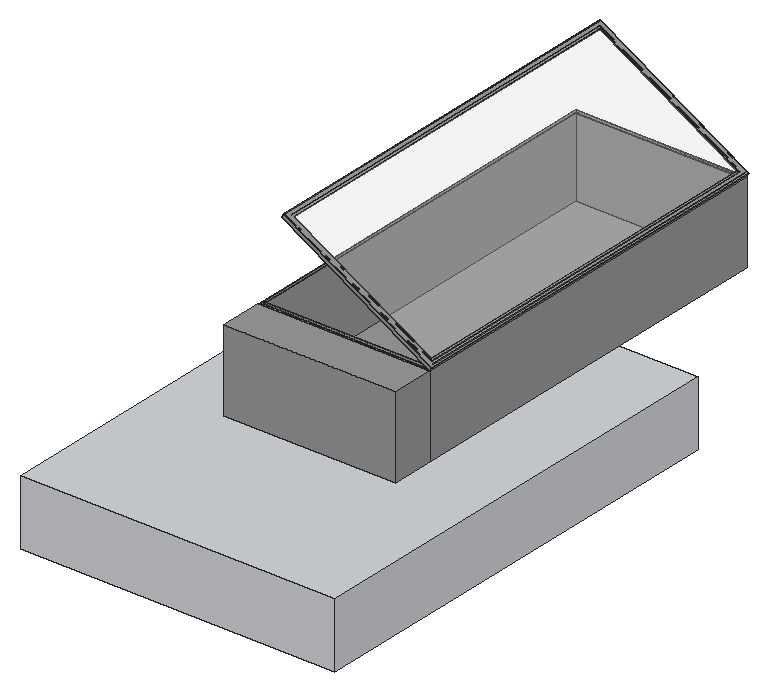
Revit family "Hager-Univers-IP55-D400-H2050-Cl.II-Steel_encl-CH-en", category Equipement électrique, Revit 2020
Family settings
  Hôte = Face
  Configuration du panneau = Deux colonnes, circuits au sein
  Cote de connecteur circulaire = Utiliser le diamètre
  Type d'élément = Tableau de raccordement
  Couper avec des vides une fois chargée = Non
  Partagée = Non
  Point de calcul de pièce = Non
Parameters (values of type "Floor installation IP55 W800 H2050 D400  - FR23U2")
  Width Control [instance] = if([EF000008 - Width] > Min Width, [EF000008 - Width], Min Width)  # 800 mm
  Commentaires du type = [HG000003 - Range]  # "Univers"
  Thickness Door [instance] = if([EF009171 - Material plate thickness door/cover] > 3 mm, 3 mm, [EF009171 - Material plate thickness door/cover])  # 1.5 mm
  Seal Frame Offset [instance] = 17 mm  # constant formula
  Plinth Visibility [instance] = [HG000027 - Plinth height] > 0 mm  # yes
  Model = ""
  Min Width [instance] = 100 mm  # constant formula
  Min Height [instance] = 100 mm  # constant formula
  Min Depth [instance] = (2 * [EF009170 - Material plate thickness cabinet]) + 1 mm  # 4 mm
  Internal Frame Depth [instance] = (Door System Depth * 0.5)  # 9 mm
  Height Control [instance] = if([EF000040 - Height] > Min Height, [EF000040 - Height], Min Height)  # 2050 mm
  HG000027 - Plinth height = 200 mm
  HG000026 - Floor standing = yes
  HG000024 - Bottom section height = 800 mm
  HG000023 - Double section enclosure = no
  HG000016 - Door 3d visibility [instance] = yes
  HG000015 - Clearance visibility [instance] = no
  HG000014 - Door on the right [instance] = yes
  HG000013 - Door on the left [instance] = not([HG000014 - Door on the right])  # no
  HG000012 - Door swing angle [instance] = 30.00°
  HG000010 - Asymmetric doors = no
  HG000009 - Double swing door = no
  HG000006 - Flush mounted = no
  HG000004 - Manufacturer reference = "FR23U2"
  HG000003 - Range = "Univers"
  HG000002 - With door or cover = yes
  Frame Offset Bottom [instance] = 10 mm  # constant formula
  Frame Offset [instance] = 15 mm  # constant formula
  EF015940 - Cover with overpressure release = no
  EF011959 - Degree of protection (NEMA) = ""
  EF009554 - Number of openings for flange plates = 6
  EF009212 - Cover model = "EV000116 - Closed"
  EF009171 - Material plate thickness door/cover = 1.5 mm
  EF009170 - Material plate thickness cabinet = 1.5 mm
  Fabricant = "Hager"  # constant formula
  EF008873 - Nominal current (In) = 800 A
  EF007800 - Suitable for lightning protection = no
  EF006306 - With lock = no
  EF006244 - Transparent cover/door = yes
  EF005474 - Degree of protection (IP) = "EV006420 - IP55"
  EF004464 - Type of door = "EV002646 - Single"
  EF004427 - Number of modules = 432
  EF004293 - Impact strength = "EV008784 - IK10"
  EF003532 - Suitable for outdoor use = no
  EF002950 - Width in number of modular spacings = 24
  EF001613 - Circuit integrity = "EV000494 - None"
  EF001596 - Material housing = "EV000179 - Steel"
  EF001131 - Internal depth = 400 mm
  EF001088 - Extension possible = yes
  EF000437 - Number of conduit inlets = 6
  EF000339 - Type of cover = "EV004216 - Door"
  EF000266 - Number of rows = 12
  EF000218 - Built-in depth = 0 mm
  EF000118 - With mounting plate = no
  EF000116 - RAL-number = "7035"
  EF000049 - Depth = 400 mm
  EF000040 - Height = 2050 mm
  EF000008 - Width = 800 mm
  EF000007 - Colour = "EV000270 - Grey"
  EF000003 - Mounting method = "EV012274 - Floor installation"
  Door System Leaf Tolerance [instance] = 1.5 mm  # constant formula
  Door System Depth [instance] = 18 mm  # constant formula
  Door Height [instance] = Height Control - [HG000027 - Plinth height]  # 1850 mm
  Depth Control [instance] = if([EF000049 - Depth] > Min Depth, [EF000049 - Depth], Min Depth)  # 400 mm
  Default Elevation = 0 mm
  Connector Offset [instance] = Height Control / 2  # 1025 mm
  Bottom Top Plate Trim [instance] = 1.5 mm  # constant formula
  Plinth height Ctrl [instance] = if([HG000027 - Plinth height] > 0 mm, [HG000027 - Plinth height], 12 mm)  # 200 mm
Types (11, lengths in mm): name | Width Control | HG000010 - Asymmetric doors | HG000009 - Double swing door | HG000004 - Manufacturer reference | EF009554 - Number of openings for flange plates | EF006244 - Transparent cover/door | EF004464 - Type of door | EF004427 - Number of modules | EF000437 - Number of conduit inlets | EF000008 - Width
  Floor installation IP55 W1050 H2050 D400  - FR24H2 | 1050 | yes | yes | "FR24H2" | 8 | no | "EV003602 - Double" | 576 | 8 | 1050
  Floor installation IP55 W1050 H2050 D400  - FR24U2 | 1050 | yes | yes | "FR24U2" | 8 | yes | "EV003602 - Double" | 576 | 8 | 1050
  Floor installation IP55 W1300 H2050 D400  - FR25H2 | 1300 | yes | yes | "FR25H2" | 10 | no | "EV003602 - Double" | 720 | 10 | 1300
  Floor installation IP55 W1300 H2050 D400  - FR25U2 | 1300 | yes | yes | "FR25U2" | 10 | yes | "EV003602 - Double" | 720 | 10 | 1300
  Floor installation IP55 W1550 H2050 D400  - FR26H2 | 1550 | yes | yes | "FR26H2" | 12 | no | "EV003602 - Double" | 864 | 12 | 1550
  Floor installation IP55 W1550 H2050 D400  - FR26U2 | 1550 | yes | yes | "FR26U2" | 12 | yes | "EV003602 - Double" | 864 | 12 | 1550
  Floor installation IP55 W300 H2050 D400  - FR21H2 | 300 | no | no | "FR21H2" | 2 | no | "EV002646 - Single" | 144 | 2 | 300
  Floor installation IP55 W550 H2050 D400  - FR22H2 | 550 | no | no | "FR22H2" | 4 | no | "EV002646 - Single" | 288 | 4 | 550
  Floor installation IP55 W550 H2050 D400  - FR22U2 | 550 | no | no | "FR22U2" | 4 | yes | "EV002646 - Single" | 288 | 4 | 550
  Floor installation IP55 W800 H2050 D400  - FR23H2 | 800 | no | no | "FR23H2" | 6 | no | "EV002646 - Single" | 432 | 6 | 800
  Floor installation IP55 W800 H2050 D400  - FR23U2 | 800 | no | no | "FR23U2" | 6 | yes | "EV002646 - Single" | 432 | 6 | 800
Reference planes
  plane 1 "Center (Front/Back)": y = 0
  plane 2: z = 0
  plane 3 "Center (Left/Right)": x = 0
  plane 4: z = 400
  plane 5: y = 201.5
  plane 6: y = 1125
  plane 7: y = 200
  plane 8: y = 2050
  plane 9: z = 0
  plane 10: x = -385
  plane 11: x = 385
  plane 12: x = 383.5
  plane 13: x = -383.5
  plane 14: y = 2048.5
  plane 15: x = -383
  plane 16: x = -400
  plane 17: x = 383
  plane 18: x = 400
  plane 19: x = 398.5
  plane 20: x = -398.5
  plane 21: y = 211.5
  plane 22: y = 2050
  plane 23: y = 2033.5
  plane 24: z = 382
  plane 25: z = 1.5
  plane 26: z = 380.5
  plane 27: z = 398.5
Forms (mm)
  Extrusion 1, solid
    sketch origin (0, 0, 0) x (1, 0, 0) y (0, 1, 0)
      loop
        line (-702.964, 1305) -> (-702.964, -811.445) -> (766.763, -811.445) -> (766.763, 1305) -> (-702.964, 1305)
    from 0 to -304.8
  Extrusion 2, solid, material "Hager_Steel_RAL7035_Light_Grey", visible <- "Plinth Visibility", detail levels medium+fine
    sketch origin (0, 0, 0) x (1, 0, 0) y (0, 1, 0)
      loop
        line (-400, 0) -> (400, 0) -> (400, 200) -> (-400, 200) -> (-400, 0)
    from 0 to 382
  Extrusion 3, solid, material "Hager_Steel_RAL7035_Light_Grey", detail levels medium+fine
    sketch origin (0, 0, 0) x (1, 0, 0) y (0, 1, 0)
      loop
        line (-400, 200) -> (400, 200) -> (400, 2050) -> (-400, 2050) -> (-400, 200)
    from 0 to 382
  Extrusion 4, void
    sketch origin (0, 0, 0) x (1, 0, 0) y (0, 1, 0)
      loop
        line (-398.5, 201.5) -> (398.5, 201.5) -> (398.5, 2048.5) -> (-398.5, 2048.5) -> (-398.5, 201.5)
    from 1.5 to 380.5
  Extrusion 5, void
    sketch origin (-381.607, -4572, 382) x (0, -1, 0) y (-1, 0, 0)
      loop
        line (-4783.5, 1.893) -> (-6605.5, 1.893) -> (-6605.5, -765.107) -> (-4783.5, -765.107) -> (-4783.5, 1.893)
    from 0 to 1.5 <- "EF009170 - Material plate thickness cabinet"
  Extrusion 6, solid, material "Hager_Steel_RAL7035_Light_Grey", detail levels fine
    sketch origin (0, 0, 382) x (1, 0, 0) y (0, 1, 0)
      loop
        line (-383.5, 2033.5) -> (-383.5, 211.5) -> (383.5, 211.5) -> (383.5, 2033.5) -> (-383.5, 2033.5)
      loop
        line (-385, 210) -> (385, 210) -> (385, 2035) -> (-385, 2035) -> (-385, 210)
    from 0 to 9 <- "Internal Frame Depth"
  Extrusion 7, solid, material "Hager_Steel_RAL7035_Light_Grey", detail levels coarse
    sketch origin (0, 0, 0) x (1, 0, 0) y (0, 1, 0)
      loop
        line (-400, 0) -> (400, 0) -> (400, 2050) -> (-400, 2050) -> (-400, 0)
    from 0 to 400
  Sweep 8, void
    path in 3D
      loop
        line (-400, 200, 0) -> (400, 200, 0) -> (400, 200, 382) -> (-400, 200, 382) -> (-400, 200, 0)
    profile origin (-400, 200, 191) x (-1, 0, 0) y (0, -1, 0)
      loop
        line (0, 0) -> (0, 1.5) -> (-1.5, 1.5)
        arc (-1.5, 1.5) -> (-1.061, 0.439) -> (0, 0) r 1.5
Cuts and joins
  Extrusion 4, Extrusion 5 cuts Extrusion 3
  Sweep 8 cuts Extrusion 2
Lines and regions (mm)
  Masking region 1
    outline origin (0, 0, 0) x (1, 0, 0) y (0, 0, 1)
      loop
        line (-400, 400) -> (-400, 0) -> (400, 0) -> (400, 400) -> (-400, 400)
  Masking region 2, detail levels medium+fine
    outline origin (0, 140, 0) x (0, 1, 0) y (0, 0, 1)
      loop
        line (60, 0) -> (1910, 0) -> (1910, 382) -> (60, 382) -> (60, 0)
  Masking region 3, not visible, detail levels medium+fine
    outline origin (0, 297.922, 0) x (0, 1, 0) y (0, 0, 1)
      loop
        line (838.578, 0) -> (878.578, 0) -> (878.578, 388.5)
        arc (878.578, 388.5) -> (875.649, 395.571) -> (868.578, 398.5) r 10
        line (868.578, 398.5) -> (838.578, 398.5) -> (838.578, 0)
  Masking region 4, detail levels coarse
    outline origin (0, 0, 180) x (0, 1, 0) y (0, 0, 1)
      loop
        line (0, -180) -> (2050, -180) -> (2050, 220) -> (0, 220) -> (0, -180)
  Masking region 5, visible <- "Plinth Visibility", detail levels medium+fine
    outline origin (0, 52.24, 12.345) x (0, 0, -1) y (0, 1, 0)
      loop
        line (10.845, 147.76) -> (-368.155, 147.76)
        arc (-368.155, 147.76) -> (-368.594, 146.699) -> (-369.655, 146.26) r 1.5
        line (-369.655, 146.26) -> (-369.655, -52.24) -> (12.345, -52.24) -> (12.345, 146.26)
        arc (12.345, 146.26) -> (11.285, 146.699) -> (10.845, 147.76) r 1.5
  Masking region 6, detail levels medium+fine
    outline origin (-381.607, -4572, 382) x (-1, 0, 0) y (0, -1, 0)
      loop
        line (18.393, -6622) -> (18.393, -4772) -> (-781.607, -4772) -> (-781.607, -6622) -> (18.393, -6622)
  Masking region 7, visible <- "Plinth Visibility", detail levels medium+fine
    outline origin (-381.607, -4727, 382) x (-1, 0, 0) y (0, -1, 0)
      loop
        arc (16.893, -4927) -> (17.332, -4925.939) -> (18.393, -4925.5) r 1.5
        line (18.393, -4925.5) -> (18.393, -4727) -> (-781.607, -4727) -> (-781.607, -4925.5)
        arc (-781.607, -4925.5) -> (-780.546, -4925.939) -> (-780.107, -4927) r 1.5
        line (-780.107, -4927) -> (16.893, -4927)
  Masking region 8, detail levels coarse
    outline origin (-442.548, -4669.526, 382) x (-1, 0, 0) y (0, -1, 0)
      loop
        line (-42.548, -6719.526) -> (-42.548, -4669.526) -> (-842.548, -4669.526) -> (-842.548, -6719.526) -> (-42.548, -6719.526)
  sketch lines
    curve 1: line (-400, 200, 382) -> (-400, 200, 0)
    curve 2: line (400, 200, 382) -> (-400, 200, 382)
    curve 3: line (400, 200, 382) -> (400, 200, 0)
    curve 4: line (-400, 200, 0) -> (400, 200, 0)
Dimensions and locks
  "Depth Control": plane 4 to Extrusion 1
  "HG000027 - Plinth height": plane 1 "Center (Front/Back)" to plane 7
  "EF009170 - Material plate thickness cabinet": plane 5 to plane 7
  locked: connector elem to plane 3 "Center (Left/Right)"
  equal spacing: plane 8, plane 6, plane 7
  locked: connector elem to plane 6
  "EF009170 - Material plate thickness cabinet": plane 8 to plane 14
  "EF009170 - Material plate thickness cabinet": plane 10 to plane 13
  "EF009170 - Material plate thickness cabinet": plane 12 to plane 11
  "Frame Offset": plane 20 to plane 13
  "Frame Offset": plane 12 to plane 19
  "EF009170 - Material plate thickness cabinet": plane 16 to plane 20
  "EF009170 - Material plate thickness cabinet": plane 19 to plane 18
  "Seal Frame Offset": plane 16 to plane 15
  "Seal Frame Offset": plane 17 to plane 18
  "Frame Offset Bottom": plane 21 to plane 5
  "Frame Offset": plane 14 to plane 23
  equal spacing: plane 16, plane 3 "Center (Left/Right)", plane 18
  "Width Control": plane 16 to plane 18
  "EF009170 - Material plate thickness cabinet": plane 4 to plane 27
  "EF009170 - Material plate thickness cabinet": plane 24 to plane 26
  "EF009170 - Material plate thickness cabinet": plane 25 to level
  "Door System Depth": plane 4 to plane 24
  "Height Control": plane 1 "Center (Front/Back)" to Extrusion 7 sketch curve
  "Height Control": Masking region 4 sketch curve to plane 1 "Center (Front/Back)"
  "Height Control": plane 1 "Center (Front/Back)" to plane 22
  "Bottom Top Plate Trim": profile plane to Sweep 8 sketch curve
  "Bottom Top Plate Trim": Sweep 8 sketch curve to profile plane
  "Plinth height Ctrl": plane 1 "Center (Front/Back)" to Extrusion 2 sketch curve
  "Plinth height Ctrl": Masking region 5 sketch curve to plane 1 "Center (Front/Back)"
  "Plinth height Ctrl": plane 1 "Center (Front/Back)" to Masking region 7 sketch curve
  "Thickness Door": Extrusion 6 sketch curve to Extrusion 6 sketch curve  (x3)
  "Thickness Door": cut or joined group of Extrusion 3, Extrusion 4, Extrusion 5 to Extrusion 6 sketch curve
  radius of Masking region 3 sketch curve = 10 mm
  "Bottom Top Plate Trim": radius of Masking region 5 sketch curve  (x2)
  "Bottom Top Plate Trim": radius of Sweep 8 sketch curve
  "Bottom Top Plate Trim": radius of Masking region 7 sketch curve  (x2)
  aligned and locked: plane 2 to Extrusion 1
  aligned and locked: level to Extrusion 1
  aligned and locked: level to Masking region 1 sketch curve
  aligned and locked: Masking region 1 sketch curve to plane 18
  aligned and locked: Masking region 1 sketch curve to plane 16
  aligned and locked: plane 7 to Masking region 2 sketch curve
  aligned and locked: level to Masking region 3 sketch curve
  aligned and locked: Masking region 3 sketch curve to plane 27
  aligned and locked: level to Masking region 2 sketch curve
  aligned and locked: plane 1 "Center (Front/Back)" to Extrusion 2 sketch curve
  aligned and locked: Extrusion 3 sketch curve to plane 7
  aligned and locked: plane 16 to Extrusion 3 sketch curve
  aligned and locked: plane 18 to Extrusion 3 sketch curve
  aligned and locked: plane 20 to Extrusion 4 sketch curve
  aligned and locked: plane 19 to Extrusion 4 sketch curve
  aligned and locked: Extrusion 4 sketch curve to plane 5
  aligned and locked: Extrusion 4 to plane 25
  aligned and locked: plane 26 to Extrusion 4
  aligned and locked: plane 24 to Extrusion 3
  aligned and locked: Extrusion 5 sketch curve to plane 21
  aligned and locked: Extrusion 5 sketch curve to plane 13
  aligned and locked: Extrusion 5 sketch curve to plane 12
  aligned and locked: plane 18 to Extrusion 7 sketch curve
  aligned and locked: plane 1 "Center (Front/Back)" to Extrusion 7 sketch curve
  aligned and locked: plane 16 to Extrusion 7 sketch curve
  aligned and locked: plane 4 to Extrusion 7
  aligned and locked: Extrusion 7 to level
  aligned and locked: level to Masking region 4 sketch curve
  aligned and locked: Masking region 4 sketch curve to plane 1 "Center (Front/Back)"
  aligned and locked: Masking region 4 sketch curve to plane 4
  aligned and locked: nested 1 to level
  aligned and locked: nested 1 to plane 16
  aligned and locked: plane 8 to Extrusion 3 sketch curve
  aligned and locked: plane 23 to Extrusion 5 sketch curve
  aligned and locked: plane 14 to Extrusion 4 sketch curve
  aligned and locked: Masking region 2 sketch curve to plane 8
  aligned and locked: level to Masking region 5 sketch curve
  aligned and locked: plane 16 to Extrusion 2 sketch curve
  aligned and locked: plane 18 to Extrusion 2 sketch curve
  aligned and locked: Masking region 5 sketch curve to plane 24
  aligned and locked: Masking region 2 sketch curve to plane 24
  aligned and locked: plane 24 to Extrusion 2
  aligned and locked: profile plane to Sweep 8 sketch curve  (x2)
  aligned and locked: Masking region 6 sketch curve to plane 18
  aligned and locked: Masking region 6 sketch curve to plane 22
  aligned and locked: Masking region 6 sketch curve to plane 16
  aligned and locked: plane 8 to plane 22
  aligned and locked: Masking region 6 sketch curve to plane 7
  aligned and locked: Masking region 7 sketch curve to plane 16
  aligned and locked: Masking region 7 sketch curve to plane 1 "Center (Front/Back)"
  aligned and locked: Masking region 7 sketch curve to plane 18
  aligned and locked: Masking region 8 sketch curve to plane 1 "Center (Front/Back)"
  aligned and locked: Masking region 8 sketch curve to plane 18
  aligned and locked: Masking region 8 sketch curve to plane 22
  aligned and locked: Masking region 8 sketch curve to plane 16
  aligned and locked: nested 2 to plane 7
  aligned and locked: plane 3 "Center (Left/Right)" to nested 2
  aligned and locked: nested 2 to plane 24
  aligned and locked: Extrusion 6 sketch curve to cut or joined group of Extrusion 3, Extrusion 4, Extrusion 5  (x4)
Automatic sketch dimensions
  Extrusion 1 sketch curve to Extrusion 1 sketch curve = 1469.727 mm
  Extrusion 1 sketch curve to Extrusion 1 sketch curve = 2116.445 mm
  Masking region 1 sketch curve to plane 4 = 0 mm
  plane 6 to Masking region 3 sketch curve = 11.5 mm
  Masking region 3 sketch curve to Masking region 3 sketch curve = 30 mm
  Masking region 5 sketch curve to plane 1 "Center (Front/Back)" = 0 mm
Nested families
  nested 1: "Hager_Enclosure_Symbol" at (-400, 0, 0) x (1, 0, 0) z (0, -1, 0), Height <- "Depth Control", Width <- "Width Control", type "Hager_Enclosure_Symbol"
    with Width_Ctrl 800 mm, Width 800 mm, Height_Ctrl 400 mm, Height 400 mm, A_Width_Int 26.25 mm, A_Width 315 mm, A_Height_Ctrl 350 mm, A_Height 350 mm
  nested 2: "EC000058_Univers_Door" at (0, 200, 382) x (1, 0, 0) z (0, 1, 0), Leaf_Tolerance <- "Door System Leaf Tolerance", Angle <- "HG000012 - Door swing angle", Door_Depth <- "Door System Depth", Door_Left <- "HG000013 - Door on the left", Transparent <- "EF006244 - Transparent cover/door", Assymetrical <- "HG000010 - Asymmetric doors", Width <- "Width Control", Clearance <- "HG000015 - Clearance visibility", Double <- "HG000009 - Double swing door", 3d_Door <- "HG000016 - Door 3d visibility", Lock_Visibility <- "EF006306 - With lock", Width_Ctrl <- "Width Control", Door_Right <- "HG000014 - Door on the right", Door <- "HG000002 - With door or cover", Height <- "Door Height", Thickness <- "Thickness Door", type "EC000058_Univers_Door", detail levels medium+fine
    with min_wh 4 mm, Width_Ctrl 800 mm, Width 800 mm, Transparent yes, Thickness 1.5 mm, Seal_Material Hager_Rubber, Lock_Visibility no, Lock_Material Hager_Plastic_RAL9005_Jet_Black, Leaf_Width 800 mm, Leaf_Tolerance_External_Sides 0 mm, Leaf_Tolerance 1.5 mm, Leaf_Offset 0 mm, Leaf_Height 1847 mm, Leaf_2_Width 800 mm, Leaf_2_Offset 400 mm, Leaf_1_Width 800 mm, Leaf_1_Offset 400 mm, Height_Ctrl 1850 mm, Height 1850 mm, Glass_Material Hager_Glass, Double_Clearance_Ctrl no, Double no, Door_Right_Ctrl yes, Door_Right yes, Door_Material Hager_Steel_RAL7035_Light_Grey, Door_Left_Ctrl no, Door_Left no, Door_Depth 18 mm, Door yes, Clearance_Material Hager_Clearance, Clearance_Depth 800 mm, Clearance_Ctrl no, Clearance no, Assymetrical no, Angle 30.00°, 3d_Door yes
Connectors
  electrical at (0, 1125, 0)
    settings: on plane 9, index 1, voltage 0 V, apparent load 0 VA, apparent load phase1 0 VA, apparent load phase2 0 VA, apparent load phase3 0 VA, power factor 1, load classification "Other", number of poles 1, system type 30, power factor state 1, is connector primary yes, connector utility no, sub classification motor no, connector description ""
Definition of nested family "EC000058_Univers_Door"
  Parameters (values of type "EC000058_Univers_Door")
    min_wh [instance] = (2 * Thickness) + 1 mm  # 11 mm
    Width_Ctrl [instance] = 400 mm
    Width [instance] = 500 mm
    Transparent [instance] = yes
    Thickness [instance] = 5 mm
    Seal_Material [instance] = none
    Lock_Visibility [instance] = yes
    Lock_Material [instance] = none
    Leaf_Width [instance] = if((Width_Ctrl - 2 * Leaf_Tolerance_External_Sides) > 0 mm, (Width_Ctrl - 2 * Leaf_Tolerance_External_Sides), min_wh)  # 400 mm
    Leaf_Tolerance_External_Sides [instance] = 0 mm  # constant formula
    Leaf_Tolerance [instance] = 1.5 mm
    Leaf_Offset [instance] = 0 mm  # constant formula
    Leaf_Height [instance] = if((Height_Ctrl - 2 * Leaf_Tolerance) > 0 mm, (Height_Ctrl - 2 * Leaf_Tolerance), min_wh)  # 497 mm
    Leaf_2_Width [instance] = if(and(and(Double, Assymetrical), Door_Left), (Leaf_Width / 3) - (Leaf_Tolerance / 2), if(and(and(Double, Assymetrical), Door_Right), (Leaf_Width / 3) * 2 - (Leaf_Tolerance / 2), if(and(Double, not(Assymetrical)), (Leaf_Width / 2) - Leaf_Tolerance, Leaf_Width)))  # 400 mm
    Leaf_2_Offset [instance] = if(and(Double, Assymetrical), Leaf_2_Width / 2, if(and(Double, not(Assymetrical)), Leaf_Width / 4, Leaf_Width / 2))  # 200 mm
    Leaf_1_Width [instance] = if(and(and(Double, Assymetrical), Door_Right), (Leaf_Width / 3) - (Leaf_Tolerance / 2), if(and(and(Double, Assymetrical), Door_Left), (Width / 3) * 2 - (Leaf_Tolerance / 2), if(and(Double, not(Assymetrical)), (Leaf_Width / 2) - Leaf_Tolerance, Leaf_Width)))  # 400 mm
    Leaf_1_Offset [instance] = if(and(Double, Assymetrical), Leaf_1_Width / 2, if(and(Double, not(Assymetrical)), Leaf_Width / 4, Leaf_Width / 2))  # 200 mm
    Height_Ctrl [instance] = if(Height > min_wh, Height, min_wh)  # 500 mm
    Height [instance] = 500 mm
    Glass_Material [instance] = none
    Double_Clearance_Ctrl [instance] = and(Double, Clearance)  # no
    Double [instance] = no
    Door_Right_Ctrl [instance] = and(or(Door_Right, Double), Door)  # yes
    Door_Right [instance] = yes
    Door_Material [instance] = none
    Door_Left_Ctrl [instance] = and(or(Door_Left, Double), Door)  # no
    Door_Left [instance] = no
    Door_Depth [instance] = 30 mm
    Door [instance] = yes
    Default Elevation = 1219.2 mm
    Clearance_Material [instance] = none
    Clearance_Depth [instance] = if(Leaf_1_Width > Leaf_2_Width, Leaf_1_Width, Leaf_2_Width)  # 400 mm
    Clearance_Ctrl [instance] = and(not(Double), Clearance)  # yes
    Clearance [instance] = yes
    Assymetrical [instance] = yes
    Angle [instance] = 30.00°
    3d_Door [instance] = yes
  Reference planes
    plane 1 "Center (Front/Back)": y = 0
    plane 2 "Bottom": z = 0
    plane 3 "Center (Left/Right)": x = 0
    plane 4: z = 500
    plane 5: x = -200
    plane 6: x = 200
    plane 7: z = 500
    plane 8: x = -200
    plane 9: z = 0
    plane 10: x = 200
    plane 11: y = 0
    plane 12: z = 1.5
    plane 13: x = -600
    plane 14: y = -400
    plane 15: x = 600
    plane 16: x = 0
    plane 17: x = 0
    plane 18: x = -200
    plane 19: x = 200
    plane 20: z = 498.5
  Forms (mm)
    Extrusion 1, solid, material <- "Clearance_Material", visible <- "Double_Clearance_Ctrl"
      sketch origin (1200, 0, 0) x (1, 0, 0) y (0, 0, -1)
        loop
          line (-1800, -498.5) -> (-600, -498.5) -> (-600, 0) -> (-1800, 0) -> (-1800, -498.5)
      from 0 to -400
  Dimensions and locks
    equal spacing: plane 5, plane 3 "Center (Left/Right)", plane 6
    "Width_Ctrl": plane 5 to plane 6
    "Leaf_Offset": plane 5 to plane 8
    "Leaf_Offset": plane 6 to plane 10
    "Leaf_Offset": plane 9 to level
    "Leaf_Offset": plane 4 to plane 7
    "Height_Ctrl": plane 4 to level
    "Leaf_Tolerance": plane 12 to plane 9
    locked: plane 11 to plane 1 "Center (Front/Back)"
    "Leaf_1_Offset": plane 18 to plane 16
    "Leaf_2_Offset": plane 17 to plane 19
    "Leaf_1_Width": plane 13 to plane 8
    "Leaf_2_Width": plane 10 to plane 15
    "Clearance_Depth": plane 14 to plane 1 "Center (Front/Back)"
    "Leaf_Tolerance_External_Sides": plane 8 to plane 18
    "Leaf_Tolerance_External_Sides": plane 19 to plane 10
    "Leaf_Tolerance": plane 7 to plane 20
    aligned and locked: level to plane 2 "Bottom"
    aligned and locked: nested 1 to plane 16
    aligned and locked: nested 2 to plane 17
    aligned and locked: Extrusion 1 to plane 13
    aligned and locked: plane 15 to Extrusion 1
    aligned and locked: Extrusion 1 to plane 14
    aligned and locked: plane 12 to nested 1
    aligned and locked: nested 2 to plane 12
    aligned and locked: Extrusion 1 to plane 11
    aligned and locked: plane 20 to Extrusion 1
    aligned and locked: nested 2 to plane 11
    aligned and locked: nested 1 to plane 11
  Automatic sketch dimensions
    Extrusion 1 sketch curve to level = 0 mm
    plane 5 to Extrusion 1 sketch curve = 400 mm
    plane 6 to Extrusion 1 sketch curve = 400 mm
    Extrusion 1 sketch curve to plane 4 = 1.5 mm
  Nested families
    nested 1: "EC000058_Univers_Door_Leaf" at (0, 0, 1.5), Width <- "Leaf_1_Width", visible <- "Door_Left_Ctrl", Leaf_Height <- "Leaf_Height", Angle <- "Angle", 3d_Door <- "3d_Door", Transparent <- "Transparent", Clearance Material <- "Clearance_Material", Clearance <- "Clearance_Ctrl", Door_Material <- "Door_Material", Glass_Material <- "Glass_Material", Door_Depth <- "Door_Depth", Lock_Material <- "Lock_Material", Seal_Material <- "Seal_Material", Lock_Visibility <- "Lock_Visibility", Thickness <- "Thickness", type "EC000058_Univers_Door_Leaf"
      with Width 400 mm, Transparent_Glass_Offset 30 mm, Transparent_Ctrl yes, Transparent yes, Thickness 5 mm, Standard no, Seal_Material none, Seal_D2 8 mm, Seal_D1 1 mm, Offset_Internal_Frame 10 mm, Lock_Width 20 mm, Lock_Visibility_3d yes, Lock_Visibility yes, Lock_Thickness_3 3 mm, Lock_Thickness_2 1 mm, Lock_Thickness_1 3 mm, Lock_Radius_Offset_2 16 mm, Lock_Radius_Offset_1 15 mm, Lock_Radius_2 5 mm, Lock_Radius 6 mm, Lock_Offset 5 mm, Lock_Material none, Lock_Height 80 mm, Lock_Cover_Top_Offset_2d 17 mm, Lock_Cover_Height -65 mm, Leaf_Height 497 mm, Internal_Seal_Thickness 8 mm, Internal_Seal_Depth_2 4.5 mm, Internal_Frame_Depth 25 mm, Glass_Thickness -1 mm, Glass_Offset -2 mm, Glass_Material none, Door_Material none, Door_Depth 30 mm, Clearance Material none, Clearance yes, Angle_Ctrl 30.00°, Angle 30.00°, 3d_Door yes
    nested 2: "EC000058_Univers_Door_Leaf" at (0, 0, 1.5) x (-1, 0, 0) z (0, 0, 1), Width <- "Leaf_2_Width", visible <- "Door_Right_Ctrl", Leaf_Height <- "Leaf_Height", Angle <- "Angle", 3d_Door <- "3d_Door", Transparent <- "Transparent", Clearance Material <- "Clearance_Material", Clearance <- "Clearance_Ctrl", Door_Material <- "Door_Material", Glass_Material <- "Glass_Material", Door_Depth <- "Door_Depth", Lock_Material <- "Lock_Material", Seal_Material <- "Seal_Material", Lock_Visibility <- "Lock_Visibility", Thickness <- "Thickness", type "EC000058_Univers_Door_Leaf"
      with Width 400 mm, Transparent_Glass_Offset 30 mm, Transparent_Ctrl yes, Transparent yes, Thickness 5 mm, Standard no, Seal_Material none, Seal_D2 8 mm, Seal_D1 1 mm, Offset_Internal_Frame 10 mm, Lock_Width 20 mm, Lock_Visibility_3d yes, Lock_Visibility yes, Lock_Thickness_3 3 mm, Lock_Thickness_2 1 mm, Lock_Thickness_1 3 mm, Lock_Radius_Offset_2 16 mm, Lock_Radius_Offset_1 15 mm, Lock_Radius_2 5 mm, Lock_Radius 6 mm, Lock_Offset 5 mm, Lock_Material none, Lock_Height 80 mm, Lock_Cover_Top_Offset_2d 17 mm, Lock_Cover_Height -65 mm, Leaf_Height 497 mm, Internal_Seal_Thickness 8 mm, Internal_Seal_Depth_2 4.5 mm, Internal_Frame_Depth 25 mm, Glass_Thickness -1 mm, Glass_Offset -2 mm, Glass_Material none, Door_Material none, Door_Depth 30 mm, Clearance Material none, Clearance yes, Angle_Ctrl 30.00°, Angle 30.00°, 3d_Door yes
  Definition of nested family "EC000058_Univers_Door_Leaf"
    Parameters (values of type "EC000058_Univers_Door_Leaf")
      Width [instance] = 2000 mm
      Transparent_Glass_Offset [instance] = 30 mm
      Transparent_Ctrl [instance] = and(Transparent, [3d_Door])  # yes
      Transparent [instance] = yes
      Thickness [instance] = 5 mm
      Standard [instance] = and(not(Transparent), [3d_Door])  # no
      Seal_Material [instance] = none
      Seal_D2 [instance] = 8 mm  # constant formula
      Seal_D1 [instance] = 1 mm  # constant formula
      Offset_Internal_Frame [instance] = 10 mm  # constant formula
      Lock_Width [instance] = 20 mm  # constant formula
      Lock_Visibility_3d [instance] = and(Lock_Visibility, [3d_Door])  # yes
      Lock_Visibility [instance] = yes
      Lock_Thickness_3 [instance] = 3 mm  # constant formula
      Lock_Thickness_2 [instance] = 1 mm  # constant formula
      Lock_Thickness_1 [instance] = 3 mm  # constant formula
      Lock_Radius_Offset_2 [instance] = Lock_Radius_Offset_1 + 1 mm  # 16 mm
      Lock_Radius_Offset_1 [instance] = 15 mm  # constant formula
      Lock_Radius_2 [instance] = Lock_Radius - 1 mm  # 5 mm
      Lock_Radius [instance] = 6 mm  # constant formula
      Lock_Offset [instance] = 5 mm  # constant formula
      Lock_Material [instance] = none
      Lock_Height [instance] = 80 mm  # constant formula
      Lock_Cover_Top_Offset_2d [instance] = Lock_Radius_Offset_2 + 1 mm  # 17 mm
      Lock_Cover_Height [instance] = -(Lock_Height - Lock_Radius_Offset_1)  # -65 mm
      Leaf_Height [instance] = 2720.336 mm
      Internal_Seal_Thickness [instance] = 8 mm  # constant formula
      Internal_Seal_Depth_2 [instance] = 4.5 mm  # constant formula
      Internal_Frame_Depth [instance] = if(Door_Depth - Thickness > 5 mm, Door_Depth - Thickness, 5 mm)  # 25 mm
      Glass_Thickness [instance] = if(Thickness > 15 mm, Glass_Offset + 10 mm, -1 mm)  # -1 mm
      Glass_Offset [instance] = if(Thickness > 15 mm, -(Thickness + 10 mm) / 2, -2 mm)  # -2 mm
      Glass_Material [instance] = none
      Door_Material [instance] = none
      Door_Depth [instance] = 30 mm
      Default Elevation = 0 mm
      Clearance Material [instance] = none
      Clearance [instance] = yes
      Angle_Ctrl [instance] = if(Angle > 180.00°, 180.00°, Angle)  # 90.00°
      Angle [instance] = 90.00°
      3d_Door [instance] = yes
    Reference planes
      plane 1 "Center (Front/Back)": y = 0
      plane 2: z = 0
      plane 3 "Center (Left/Right)": x = 0
      plane 4: y = 2000
      plane 5: x = -1000
      plane 6: x = 1000
      plane 7: x = -3000
      plane 8: z = 2720.336
      plane 9: z = 30
      plane 10: z = 2690.336
      plane 11: x = 970
      plane 12: x = -970
      plane 13: y = -3
      plane 14: z = 107.833
      plane 15: y = -5
      plane 16: y = -223.314
      plane 17: x = -1000
      plane 18: z = 1360.168
      plane 19: y = 30
    Forms (mm)
      Extrusion 1, solid, material <- "Clearance Material", visible <- "Clearance"
        sketch origin (0, 0, 0) x (1, 0, 0) y (0, 0, 1)
          loop
            line (-3000, 2720.336) -> (-3000, 0) -> (1000, 0) -> (1000, 2720.336) -> (-3000, 2720.336)
        from 0 to -2000
      Extrusion 2, solid, material <- "Door_Material", visible <- "Standard", detail levels medium+fine
        sketch origin (-1000, 0, 0) x (0, 1, 0) y (-1, 0, 0)
          loop
            line (0, 30) -> (0, 25) -> (2000, 25) -> (2000, 30) -> (0, 30)
        from 0 to 2720.336 <- "Leaf_Height"
      Extrusion 3, solid, material <- "Door_Material", visible <- "Transparent_Ctrl", detail levels medium+fine
        sketch origin (-1000, 0, 0) x (0, 1, 0) y (-1, 0, 0)
          loop
            line (0, 25) -> (2000, 25) -> (2000, 30) -> (0, 30) -> (0, 25)
        from 0 to 2720.336 <- "Leaf_Height"
      Extrusion 4, void
        sketch origin (-1025, 2000, 0) x (0, 1, 0) y (0, 0, -1)
          loop
            line (-30, -2690.336) -> (-30, -30) -> (-1970, -30) -> (-1970, -2690.336) -> (-30, -2690.336)
        from 0 to 5 <- "Thickness"
      Sweep 5, solid, material <- "Seal_Material", visible <- "Transparent_Ctrl", detail levels fine
        path in 3D
          loop
            line (-1025, 30, 30) -> (-1025, 30, 2690.336) -> (-1025, 1970, 2690.336) -> (-1025, 1970, 30) -> (-1025, 30, 30)
        profile origin (-1025, 1000, 30) x (1, 0, 0) y (0, 0, 1)
          loop
            line (0, 0) -> (0, -8) -> (1, -8) -> (1, 0) -> (0, 0)
      Extrusion 6, solid, material <- "Glass_Material", visible <- "Transparent_Ctrl", detail levels medium+fine
        sketch origin (-1030, 0, 0) x (0, 1, 0) y (0, 0, -1)
          loop
            line (1970, -2690.336) -> (1970, -30) -> (30, -30) -> (30, -2690.336) -> (1970, -2690.336)
        from -2 <- "Glass_Offset" to -1 <- "Glass_Thickness"
      Extrusion 7, solid, material <- "Door_Material", visible <- "3d_Door", detail levels medium+fine
        sketch origin (-1025, 2000, 0) x (0, -1, 0) y (0, 0, -1)
          loop
            line (0, -2720.336) -> (2000, -2720.336) -> (2000, 0) -> (0, 0) -> (0, -2720.336)
          loop
            line (1995, -5) -> (5, -5) -> (5, -2715.336) -> (1995, -2715.336) -> (1995, -5)
        from 0 to 25 <- "Internal_Frame_Depth"
      Sweep 8, solid, material <- "Seal_Material", visible <- "Transparent_Ctrl", detail levels fine
        path in 3D
          loop
            line (-1025, 0, 0) -> (-1025, 2000, 0) -> (-1025, 2000, 2720.336) -> (-1025, 0, 2720.336) -> (-1025, 0, 0)
        profile origin (-1025, 0, 1360.168) x (1, 0, 0) y (0, 1, 0)
          loop
            line (0, 10) -> (2.975, 10)
            arc (2.975, 10) -> (4.053, 10.447) -> (4.5, 11.525) r 1.525
            line (4.5, 11.525) -> (4.5, 16.527)
            arc (4.5, 16.527) -> (4.069, 17.569) -> (3.027, 18) r 1.473
            line (3.027, 18) -> (0, 18) -> (0, 10)
      Extrusion 9, solid, material <- "Lock_Material", visible <- "Lock_Visibility_3d", detail levels fine
        sketch origin (-1030, 0, 0) x (0, 1, 0) y (0, 0, -1)
          loop
            arc (1993.5, -1400.168) -> (1994.561, -1399.729) -> (1995, -1398.668) r 1.5
            line (1995, -1398.668) -> (1995, -1320.168) -> (1975, -1320.168) -> (1975, -1398.668)
            arc (1975, -1398.668) -> (1975.439, -1399.729) -> (1976.5, -1400.168) r 1.5
            line (1976.5, -1400.168) -> (1993.5, -1400.168)
        from 3 <- "Lock_Thickness_1" to 0
      Blend 10, solid, material <- "Lock_Material", visible <- "Lock_Visibility_3d", detail levels fine
        base sketch origin (-1033, 0, 0) x (0, 1, 0) y (0, 0, -1)
          loop
            line (1975, -1320.168) -> (1975, -1398.668)
            arc (1975, -1398.668) -> (1975.439, -1399.729) -> (1976.5, -1400.168) r 1.5
            line (1976.5, -1400.168) -> (1993.5, -1400.168)
            arc (1993.5, -1400.168) -> (1994.561, -1399.729) -> (1995, -1398.668) r 1.5
            line (1995, -1398.668) -> (1995, -1320.168) -> (1975, -1320.168)
        top sketch origin (-1033, 0, 0) x (0, 1, 0) y (0, 0, -1)
          loop
            line (1976, -1320.168) -> (1976, -1398.668)
            arc (1976, -1398.668) -> (1976.146, -1399.022) -> (1976.5, -1399.168) r 0.5
            line (1976.5, -1399.168) -> (1993.5, -1399.168)
            arc (1993.5, -1399.168) -> (1993.854, -1399.022) -> (1994, -1398.668) r 0.5
            line (1994, -1398.668) -> (1994, -1320.168) -> (1976, -1320.168)
        from 0 to 1 <- "Lock_Thickness_2"
      Blend 11, solid, material <- "Lock_Material", visible <- "Lock_Visibility_3d", detail levels fine
        base sketch origin (-1034, 0, 0) x (0, 1, 0) y (0, 0, -1)
          loop
            line (1978, -1320.168) -> (1978, -1384.168)
            arc (1978, -1384.168) -> (1985, -1391.168) -> (1992, -1384.168) r 7
            line (1992, -1384.168) -> (1992, -1320.168) -> (1978, -1320.168)
        top sketch origin (-1034, 0, 0) x (0, 1, 0) y (0, 0, -1)
          loop
            line (1991, -1320.168) -> (1979, -1320.168) -> (1979, -1383.168)
            arc (1979, -1383.168) -> (1985, -1389.168) -> (1991, -1383.168) r 6
            line (1991, -1383.168) -> (1991, -1320.168)
        from 0 to 3 <- "Lock_Thickness_3"
      Extrusion 12, solid, material <- "Lock_Material", visible <- "Lock_Visibility_3d", detail levels fine
        sketch origin (-1030, 1975, 1320.168) x (1, 0, 0) y (0, -1, 0)
          loop
            line (-7, -19) -> (-7, -1) -> (0, -1) -> (0, 0) -> (-8, 0) -> (-8, -20) -> (0, -20) -> (0, -19) -> (-7, -19)
        from 0 to -65 <- "Lock_Cover_Height"
      Extrusion 13, void
        sketch origin (-1038, 1995, 1320.168) x (-1, 0, 0) y (0, 0, -1)
          loop
            line (-5, -65) -> (0, -65) -> (-5, -60) -> (-5, -65)
        from 0 to 20 <- "Lock_Width"
      Extrusion 14, void
        sketch origin (-1038, 1975, 1320.168) x (0, -1, 0) y (0, 0, -1)
          loop
            circle (-10, -15.995) r 6
          loop
            circle (-10, -15.995) r 5
        from 0 to 2
      Extrusion 15, solid, material <- "Lock_Material", visible <- "Lock_Visibility_3d", detail levels medium
        sketch origin (-1030, 0, 0) x (0, 1, 0) y (0, 0, -1)
          loop
            arc (1993.5, -1400.168) -> (1994.561, -1399.729) -> (1995, -1398.668) r 1.5
            line (1995, -1398.668) -> (1995, -1320.168) -> (1975, -1320.168) -> (1975, -1398.668)
            arc (1975, -1398.668) -> (1975.439, -1399.729) -> (1976.5, -1400.168) r 1.5
            line (1976.5, -1400.168) -> (1993.5, -1400.168)
        from 8 to 0
    Cuts and joins
      Extrusion 4 cuts Extrusion 3
      Extrusion 13, Extrusion 14 cuts Extrusion 9
      Extrusion 14 cuts Blend 11
      Extrusion 13, Extrusion 14 cuts Extrusion 12
      joined: Extrusion 9, Blend 10, Blend 11, Extrusion 12
      Extrusion 14 cuts Extrusion 15
    Lines and regions (mm)
      Masking region 1, visible <- "Lock_Visibility", detail levels fine
        outline origin (0, 0, 0) x (0, 1, 0) y (0, 0, 1)
          loop
            line (30, 1320.168) -> (33, 1320.168) -> (33, 1400.168) -> (30, 1400.168) -> (30, 1320.168)
      Masking region 2, visible <- "Lock_Visibility", detail levels fine
        outline origin (0, 3.143, 0) x (0, 1, 0) y (0, 0, 1)
          loop
            line (29.857, 1354.168) -> (30.857, 1354.168) -> (30.857, 1366.168) -> (29.857, 1366.168) -> (29.857, 1354.168)
      Masking region 3, detail levels medium+fine
        outline origin (0, 0, 0) x (0, 1, 0) y (0, 0, 1)
          loop
            line (0, 0) -> (30, 0) -> (30, 2720.336) -> (0, 2720.336) -> (0, 0)
      Masking region 4, detail levels medium+fine
        outline origin (0, 0, 0) x (1, 0, 0) y (0, 0, 1)
          loop
            line (-1000, 2720.336) -> (-1000, 0) -> (1000, 0) -> (1000, 2720.336) -> (-1000, 2720.336)
      Masking region 5, visible <- "Lock_Visibility", detail levels fine
        outline origin (-47.116, 0, 0) x (1, 0, 0) y (0, 0, 1)
          loop
            arc (1024.616, 1399.168) -> (1023.556, 1398.729) -> (1023.116, 1397.668) r 1.5
            line (1023.116, 1397.668) -> (1023.116, 1320.168) -> (1041.116, 1320.168) -> (1041.116, 1397.668)
            arc (1041.116, 1397.668) -> (1040.677, 1398.729) -> (1039.616, 1399.168) r 1.5
            line (1039.616, 1399.168) -> (1024.616, 1399.168)
      Masking region 6, visible <- "Lock_Visibility", detail levels medium+fine
        outline origin (-25, 0, 0) x (1, 0, 0) y (0, 0, 1)
          loop
            arc (1001.5, 1400.168) -> (1000.439, 1399.729) -> (1000, 1398.668) r 1.5
            line (1000, 1398.668) -> (1000, 1320.168) -> (1020, 1320.168) -> (1020, 1398.668)
            arc (1020, 1398.668) -> (1019.561, 1399.729) -> (1018.5, 1400.168) r 1.5
            line (1018.5, 1400.168) -> (1001.5, 1400.168)
      Masking region 7, visible <- "Lock_Visibility", detail levels fine
        outline origin (-73.735, 0, 0) x (1, 0, 0) y (0, 0, 1)
          loop
            line (1051.735, 1382.168) -> (1065.735, 1382.168) -> (1065.735, 1384.168)
            arc (1065.735, 1384.168) -> (1058.735, 1391.168) -> (1051.735, 1384.168) r 7
            line (1051.735, 1384.168) -> (1051.735, 1382.168)
      Masking region 8, visible <- "Lock_Visibility", detail levels fine
        outline origin (-73.735, 0, 0) x (1, 0, 0) y (0, 0, 1)
          loop
            line (1052.735, 1382.168) -> (1064.735, 1382.168) -> (1064.735, 1383.168)
            arc (1064.735, 1383.168) -> (1058.735, 1389.168) -> (1052.735, 1383.168) r 6
            line (1052.735, 1383.168) -> (1052.735, 1382.168)
      Masking region 9, visible <- "Lock_Visibility", detail levels fine
        outline origin (-25, 0, 0) x (1, 0, 0) y (0, 0, 1)
          loop
            line (1020, 1320.168) -> (1020, 1382.168) -> (1000, 1382.168) -> (1000, 1320.168) -> (1020, 1320.168)
      Masking region 10, detail levels medium+fine
        outline origin (0, 0, 0) x (1, 0, 0) y (0, 0, 1)
          loop
            circle (985, 1335.144) r 6
      Masking region 11, detail levels fine
        outline origin (0, 0, 0) x (1, 0, 0) y (0, 0, 1)
          loop
            circle (985, 1335.144) r 5
      Masking region 12, visible <- "Lock_Visibility", detail levels fine
        outline origin (0, 12.767, 0) x (0, 1, 0) y (0, 0, 1)
          loop
            line (20.233, 1320.168) -> (21.233, 1320.168) -> (21.233, 1399.168) -> (20.233, 1400.168) -> (20.233, 1320.168)
      Masking region 13, visible <- "Lock_Visibility", detail levels fine
        outline origin (0, 13.767, -10) x (0, 1, 0) y (0, 0, 1)
          loop
            line (20.233, 1330.168) -> (23.233, 1330.168) -> (23.233, 1399.168) -> (20.233, 1402.168) -> (20.233, 1330.168)
      Masking region 14, visible <- "Lock_Visibility", detail levels fine
        outline origin (0, 12.767, -10) x (0, 1, 0) y (0, 0, 1)
          loop
            line (20.233, 1330.168) -> (25.233, 1330.168) -> (25.233, 1399.305) -> (20.233, 1394.305) -> (20.233, 1330.168)
      Masking region 15, visible <- "Lock_Visibility", detail levels medium
        outline origin (0, 0, 0) x (0, 1, 0) y (0, 0, 1)
          loop
            line (30, 1320.168) -> (38, 1320.168) -> (38, 1400.168) -> (30, 1400.168) -> (30, 1320.168)
      Masking region 16, visible <- "Lock_Visibility", detail levels fine
        outline origin (-1000, 0, 0) x (0, 1, 0) y (-1, 0, 0)
          loop
            line (1975, 30) -> (1995, 30) -> (1995, 38) -> (1975, 38) -> (1975, 30)
          loop
            line (1979, 37) -> (1976, 37) -> (1976, 34) -> (1978, 34) -> (1979, 37)
          loop
            line (1994, 37) -> (1991, 37) -> (1992, 34) -> (1994, 34) -> (1994, 37)
      Masking region 17, visible <- "Lock_Visibility", detail levels medium
        outline origin (-1000, 0, 0) x (0, 1, 0) y (-1, 0, 0)
          loop
            line (1975, 30) -> (1995, 30) -> (1995, 38) -> (1975, 38) -> (1975, 30)
      symbolic lines
        curve 1: line (1000, 0, 0) -> (-3000, 0, 0)
        curve 2: arc (1000, 0, 0) -> (-1000, 2000, 0) -> (-3000, 0, 0) r 2000
        curve 4: line (-1030, 0, 0) -> (-1030, 2000, 0)
      reference lines
        curve 3: line (-1000, 0, 0) -> (-1000, 2000, 0)
      symbolic lines, detail levels medium+fine
        curve 5: line (-1030, 2000, 0) -> (-1025, 2000, 0)
        curve 7: line (-1025, 0, 0) -> (-1030, 0, 0)
        curve 8: line (-1025, 0, 0) -> (-1000, 0, 0)
        curve 9: line (-1000, 0, 0) -> (-1000, 2000, 0)
        curve 10: line (-1000, 2000, 0) -> (-1025, 2000, 0)
      symbolic lines, detail levels fine
        curve 6: line (-1025, 2000, 0) -> (-1025, 0, 0)
      sketch lines
        curve 11: line (-1025, 0, 2720.336) -> (-1025, 0, 0)
        curve 12: line (-1025, 2000, 0) -> (-1025, 0, 0)
        curve 13: line (-1025, 2000, 2720.336) -> (-1025, 2000, 0)
        curve 14: line (-1025, 0, 2720.336) -> (-1025, 2000, 2720.336)
        curve 15: line (-1025, 1970, 30) -> (-1025, 30, 30)
        curve 16: line (-1025, 30, 30) -> (-1025, 30, 2690.336)
        curve 17: line (-1025, 1970, 2690.336) -> (-1025, 1970, 30)
        curve 18: line (-1025, 30, 2690.336) -> (-1025, 1970, 2690.336)
      symbolic lines, visible <- "Transparent", detail levels medium+fine
        curve 19: line (-970, 0, 2690.336) -> (970, 0, 2690.336)
        curve 20: line (-970, 0, 30) -> (-970, 0, 2690.336)
        curve 21: line (970, 0, 30) -> (-970, 0, 30)
        curve 22: line (970, 0, 2690.336) -> (970, 0, 30)
    Dimensions and locks
      "Width": plane 1 "Center (Front/Back)" to plane 4
      equal spacing: plane 5, plane 3 "Center (Left/Right)", plane 6
      "Width": plane 5 to plane 6
      "Width": plane 7 to plane 5
      "Leaf_Height": plane 8 to level
      "Width": curve 5 to curve 3
      "Width": curve 3 to curve 3
      plane 8 to plane 10 = 30 mm
      plane 9 to level = 30 mm
      plane 12 to plane 5 = 30 mm
      plane 6 to plane 11 = 30 mm
      Extrusion 1 to Extrusion 4 sketch curve = 30 mm
      "Transparent_Glass_Offset": curve 3 to Extrusion 4 sketch curve
      "Transparent_Glass_Offset": Extrusion 4 sketch curve to cut or joined group of Extrusion 3, Extrusion 4  (x2)
      cut or joined group of Extrusion 3, Extrusion 4 to Extrusion 6 sketch curve = 30 mm
      "Transparent_Glass_Offset": cut or joined group of Extrusion 3, Extrusion 4 to Extrusion 4 sketch curve
      "Thickness": curve 6 to curve 4
      "Thickness": Extrusion 7 sketch curve to Extrusion 7 sketch curve  (x4)
      "Door_Depth": curve 4 to curve 3
      "Offset_Internal_Frame": profile plane to Sweep 8 sketch curve
      "Internal_Seal_Thickness": Sweep 8 sketch curve to Sweep 8 sketch curve
      "Internal_Seal_Depth_2": profile plane to Sweep 8 sketch curve
      "Seal_D1": profile plane to Sweep 5 sketch curve
      "Seal_D2": profile plane to Sweep 5 sketch curve
      "Thickness": Extrusion 2 sketch curve to Extrusion 2 sketch curve
      equal spacing: Extrusion 9 sketch curve, plane 18, Extrusion 9 sketch curve  (x2)
      equal spacing: Masking region 1 sketch curve, plane 18, Masking region 1 sketch curve
      "Lock_Height": Masking region 1 sketch curve to Masking region 1 sketch curve
      "Lock_Radius": Masking region 2 sketch curve to plane 18 to Masking region 2 sketch curve
      Masking region 2 sketch curve to Masking region 1 = 1 mm
      "Door_Depth": plane 19 to plane 1 "Center (Front/Back)"
      "Lock_Thickness_1": Masking region 1 sketch curve to plane 19
      "Lock_Width": Extrusion 9 sketch curve to Extrusion 9 sketch curve
      "Lock_Height": Extrusion 9 sketch curve to Extrusion 9 sketch curve
      "Lock_Offset": cut or joined group of Extrusion 3, Extrusion 4 to Extrusion 9 sketch curve
      equal spacing: plane 8, plane 18, level
      "Lock_Radius_Offset_1": Blend 11 sketch curve to Blend 10
      locked: Blend 10 to Blend 11 sketch curve at 2  (x2)
      locked: var sketch to Blend 11 sketch curve at 1  (x2)
      "Lock_Radius_Offset_2": Blend 11 sketch curve to Blend 10
      locked: Extrusion 12 sketch curve to Extrusion 12 sketch curve at 1  (x3)
      Masking region 6 sketch curve to Masking region 6 sketch curve = 80 mm
      "Lock_Height": Masking region 6 sketch curve to Masking region 6 sketch curve
      "Lock_Width": Masking region 6 sketch curve to Masking region 6 sketch curve
      locked: Masking region 6 to Masking region 5 sketch curve at 1  (x3)
      locked: Masking region 5 to Masking region 7 sketch curve at 2  (x2)
      "Lock_Radius_Offset_1": Masking region 5 to Masking region 7 sketch curve
      "Lock_Radius_Offset_2": Masking region 5 to Masking region 8 sketch curve
      locked: Masking region 7 to Masking region 8 sketch curve at 1  (x2)
      "Lock_Cover_Top_Offset_2d": Masking region 5 to Masking region 9 sketch curve
      equal spacing: Masking region 9, Masking region 10 sketch curve, Masking region 9
      equal spacing: Masking region 9, Masking region 11 sketch curve, Masking region 9
      Extrusion 15 sketch curve to Extrusion 15 sketch curve = 80 mm
      "Lock_Width": Extrusion 15 sketch curve to Extrusion 15 sketch curve
      "Lock_Height": Extrusion 15 sketch curve to Extrusion 15 sketch curve
      equal spacing: Extrusion 15 sketch curve, plane 18, Extrusion 15 sketch curve
      "Lock_Thickness_3": Masking region 13 sketch curve to Masking region 13 sketch curve
      "Lock_Height": Masking region 12 sketch curve to Masking region 12 sketch curve
      locked: Masking region 13 sketch curve to Masking region 1 at 8
      locked: Masking region 14 sketch curve to Masking region 13 at 1
      locked: Masking region 14 sketch curve to Masking region 1 at 10.863
      "Lock_Height": Masking region 15 sketch curve to Masking region 15 sketch curve
      "Lock_Offset": Extrusion 15 sketch curve to cut or joined group of Extrusion 3, Extrusion 4
      "Lock_Offset": plane 6 to Masking region 6 sketch curve
      radius of Sweep 8 sketch curve = 1.525 mm
      radius of Sweep 8 sketch curve = 1.473 mm
      radius of Extrusion 9 sketch curve = 1.5 mm  (x2)
      "Lock_Radius": radius of Extrusion 14 sketch curve
      "Lock_Radius_2": radius of Extrusion 14 sketch curve
      "Lock_Radius": radius of Masking region 10 sketch curve
      "Lock_Radius_2": radius of Masking region 11 sketch curve
      radius of Extrusion 15 sketch curve = 1.5 mm  (x2)
      "Angle_Ctrl": angle plane 1 "Center (Front/Back)" to curve 3
      locked: Masking region 12 sketch curve to Masking region 12 sketch curve (angle 45.00°)
      locked: Masking region 13 sketch curve to Masking region 13 sketch curve (angle 45.00°)
      locked: Masking region 14 sketch curve to Masking region 14 sketch curve (angle 45.00°)
      aligned and locked: level to plane 2
      aligned and locked: Extrusion 1 to curve 1
      aligned and locked: plane 6 to Extrusion 1
      aligned and locked: Extrusion 1 to plane 1 "Center (Front/Back)"
      aligned and locked: plane 4 to Extrusion 1
      aligned and locked: plane 8 to Extrusion 1
      aligned and locked: curve 7 to Extrusion 2 sketch curve
      aligned and locked: curve 5 to Extrusion 2 sketch curve
      aligned and locked: curve 7 to Extrusion 3 sketch curve
      aligned and locked: Extrusion 3 sketch curve to curve 4
      aligned and locked: Extrusion 3 sketch curve to curve 6
      aligned and locked: Extrusion 3 sketch curve to curve 5
      aligned and locked: curve 9 to curve 3
      aligned and locked: Extrusion 7 sketch curve to cut or joined group of Extrusion 3, Extrusion 4  (x4)
      aligned and locked: plane 17 to curve 3
      aligned and locked: plane 1 "Center (Front/Back)" to curve 3
      aligned and locked: plane 17 to plane 5
      aligned and locked: Sweep 8 sketch curve to profile plane
      aligned and locked: Sweep 5 sketch curve to profile plane  (x2)
      aligned and locked: Masking region 1 to Masking region 2 sketch curve
      aligned and locked: plane 19 to Masking region 1 sketch curve
      aligned and locked: plane 1 "Center (Front/Back)" to Masking region 3 sketch curve
      aligned and locked: plane 19 to Masking region 3 sketch curve
      aligned and locked: level to Masking region 3 sketch curve
      aligned and locked: Masking region 3 sketch curve to plane 8
      aligned and locked: plane 17 to Masking region 4 sketch curve
      aligned and locked: level to Masking region 4 sketch curve
      aligned and locked: Masking region 4 sketch curve to plane 8
      aligned and locked: plane 12 to curve 20
      aligned and locked: plane 10 to curve 19
      aligned and locked: plane 11 to curve 22
      aligned and locked: curve 21 to plane 9
      aligned and locked: Extrusion 2 sketch curve to cut or joined group of Extrusion 3, Extrusion 4
      aligned and locked: Blend 10 sketch curve to Extrusion 9  (x4)
      aligned and locked: Extrusion 9 to Blend 10 sketch curve
      aligned and locked: Blend 10 to Blend 11 sketch curve
      aligned and locked: Extrusion 12 sketch curve to Blend 11
      aligned and locked: Extrusion 12 sketch curve to Extrusion 9  (x4)
      aligned and locked: Masking region 5 sketch curve to Masking region 6
      aligned and locked: Masking region 9 sketch curve to Masking region 6  (x3)
      aligned and locked: Masking region 12 sketch curve to Masking region 1
      aligned and locked: Masking region 13 sketch curve to Masking region 1
      aligned and locked: Masking region 12 to Masking region 14
      aligned and locked: Masking region 14 sketch curve to Masking region 1
      aligned and locked: Masking region 15 sketch curve to Masking region 14
      aligned and locked: Masking region 13 sketch curve to Masking region 12
      aligned and locked: Masking region 16 sketch curve to cut or joined group of Extrusion 14, Extrusion 15  (x4)
      aligned and locked: Masking region 16 sketch curve to cut or joined group of Extrusion 9, Blend 10, Blend 11, Extrusion 12, Extrusion 13, Extrusion 14  (x6)
      aligned and locked: cut or joined group of Extrusion 9, Blend 10, Blend 11, Extrusion 12, Extrusion 13, Extrusion 14 to Masking region 16 sketch curve
      aligned and locked: Masking region 17 sketch curve to cut or joined group of Extrusion 14, Extrusion 15  (x3)
      aligned and locked: Masking region 17 sketch curve to cut or joined group of Extrusion 9, Blend 10, Blend 11, Extrusion 12, Extrusion 13, Extrusion 14
      aligned and locked: Masking region 9 to Masking region 8 sketch curve
      aligned and locked: Masking region 9 to Masking region 7 sketch curve
    Automatic sketch dimensions
      plane 1 "Center (Front/Back)" to curve 2 = 0 mm
      curve 2 to plane 5 = 0 mm
      Extrusion 1 sketch curve to level = 0 mm
      Extrusion 1 sketch curve to plane 7 = 0 mm
      Extrusion 1 sketch curve to plane 6 = 0 mm
      Extrusion 1 sketch curve to plane 8 = 0 mm
      Extrusion 3 to Extrusion 6 sketch curve = 30 mm  (x4)
      Masking region 4 sketch curve to plane 6 = 0 mm
      Blend 10 sketch curve to Extrusion 9 = 1.5 mm
      Blend 10 sketch curve to Extrusion 9 = 1 mm
      Extrusion 13 sketch curve to Extrusion 12 = 0 mm  (x2)
      Extrusion 12 to Extrusion 13 sketch curve = 3 mm
      Extrusion 13 sketch curve to Extrusion 12 = 5 mm
      Extrusion 14 sketch curve to Extrusion 14 sketch curve = 0 mm  (x2)
      Extrusion 14 sketch curve to Extrusion 12 = 10 mm
      Extrusion 14 sketch curve to Extrusion 12 = 15.995 mm
      Masking region 5 sketch curve to Masking region 5 sketch curve = 1.5 mm  (x2)
      Masking region 10 sketch curve to plane 18 = 25.024 mm
      Masking region 11 sketch curve to plane 18 = 25.024 mm
      plane 19 to Masking region 14 sketch curve = 3 mm
      Masking region 16 sketch curve to Masking region 16 sketch curve = 3 mm
      curve 4 to curve 3 = 0 mm
      Blend 10 to Blend 11 sketch curve = 0 mm
      Masking region 6 sketch curve to Masking region 6 sketch curve = 1.5 mm  (x2)
      Masking region 6 sketch curve to plane 18 = 40 mm
      plane 19 to Masking region 12 sketch curve = 3 mm
      Masking region 12 sketch curve to Masking region 12 sketch curve = 1 mm
      Masking region 15 sketch curve to plane 19 = 0 mm
      Masking region 15 sketch curve to plane 18 = 40 mm
      radius of Blend 10 sketch curve to Extrusion 9 = 1 mm
Definition of nested family "Hager_Enclosure_Symbol"
  Parameters (values of type "Hager_Enclosure_Symbol")
    Width_Ctrl [instance] = if(Width > 1 mm, Width, 1 mm)  # 102.27 mm
    Width [instance] = 102.27 mm
    Height_Ctrl [instance] = if(Height > 1 mm, Height, 1 mm)  # 66.5 mm
    A_Width_Int [instance] = if(A_Width / 12 > 2 mm, A_Width / 12, 2 mm)  # 4.364 mm
    A_Width [instance] = if(A_Height_Ctrl * 0.9 > 2 mm, A_Height_Ctrl * 0.9, 2 mm)  # 52.369 mm
    A_Height_Ctrl [instance] = if(A_Height > 2 mm, A_Height, 2 mm)  # 58.188 mm
    Height [instance] = 66.5 mm
    A_Height [instance] = Height - (Height / 8)  # 58.188 mm
  Reference planes
    plane 1 "Centre (avant/arrière)": y = 0
    plane 2: z = 0
    plane 3 "Centre (gauche/droite)": x = 0
    plane 4: x = 52.369
    plane 5: y = 33.042
    plane 6: y = 41.77
    plane 7: y = 66.5
    plane 8: x = 26.184
    plane 9: y = 37.406
    plane 10: x = 102.27
    plane 11: y = 66.5
    plane 12: y = 8.313
  Lines and regions (mm)
    Filled region 1, type "Solid_Black", in view "Niveau de réf."
      outline origin (0, 0, 0) x (1, 0, 0) y (0, 1, 0)
        loop
          line (52.369, 66.5) -> (33.188, 54.536) -> (45.365, 45.006) -> (52.369, 66.5)
    Filled region 2, type "Solid_Black", in view "Niveau de réf."
      outline origin (0, 0, 0) x (1, 0, 0) y (0, 1, 0)
        loop
          line (0, 0) -> (102.27, 0) -> (102.27, 66.5) -> (0, 0)
    detail lines, in view "Niveau de réf."
      curve 1: line (0, 8.313, 0) -> (26.184, 41.77, 0)
      curve 2: line (26.184, 41.77, 0) -> (26.184, 33.042, 0)
      curve 3: line (26.184, 33.042, 0) -> (52.369, 66.5, 0)
  Dimensions and locks
    "A_Width": plane 3 "Centre (gauche/droite)" to plane 4
    equal spacing: plane 3 "Centre (gauche/droite)", plane 8, plane 4
    equal spacing: plane 6, plane 9, plane 5
    equal spacing: curve 3, Filled region 1 sketch curve, Filled region 1 sketch curve
    "Height_Ctrl": plane 1 "Centre (avant/arrière)" to plane 11
    "A_Height_Ctrl": plane 11 to plane 12
    equal spacing: plane 11, plane 9, plane 12
    "A_Width_Int": plane 6 to plane 9
    "Width_Ctrl": plane 3 "Centre (gauche/droite)" to plane 10
    angle Filled region 1 sketch curve to curve 3 = 20.00°
    angle curve 3 to Filled region 1 sketch curve = 20.00°
    locked: curve 3 to Filled region 1 sketch curve (angle 90.00°)
    aligned and locked: plane 10 to Filled region 2
    aligned and locked: plane 11 to Filled region 2 sketch curve
    aligned and locked: plane 10 to Filled region 2 sketch curve
    aligned and locked: plane 3 "Centre (gauche/droite)" to curve 1
    aligned and locked: plane 12 to curve 1
    aligned and locked: plane 7 to plane 11
  Automatic sketch dimensions
    Filled region 1 sketch curve to plane 4 = 0 mm
    Filled region 1 sketch curve to plane 7 = 0 mm
    plane 1 "Centre (avant/arrière)" to Filled region 2 sketch curve = 0 mm
    Filled region 2 sketch curve to plane 3 "Centre (gauche/droite)" = 0 mm
    curve 2 to plane 6 = 0 mm
    curve 2 to plane 8 = 0 mm
    curve 3 to plane 4 = 0 mm
    curve 2 to plane 5 = 0 mm
    curve 3 to plane 7 = 0 mm
